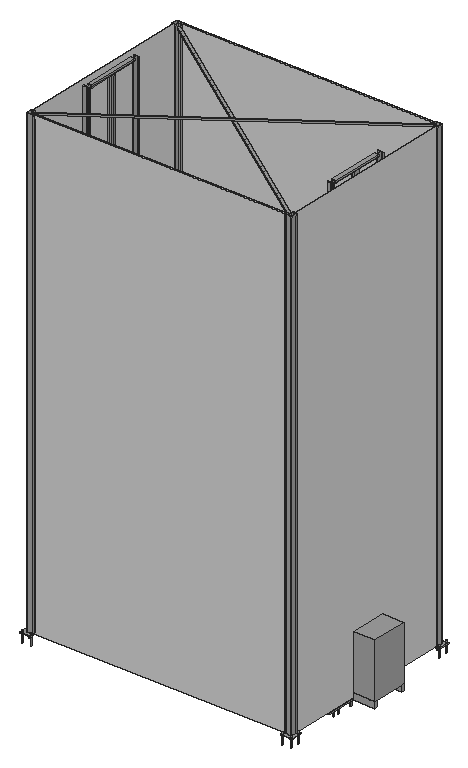
Revit family "1SE_Trez_TC_2C_T_500_With_Pit", category Specialty Equipment, Revit 2019
Family settings
  Round Connector Dimension = Use Diameter
  Part Type = Normal
  Work Plane-Based = No
  Always vertical = Yes
  Cut with Voids When Loaded = Yes
  Shared = No
  Room Calculation Point = No
Parameters (values of type "Platform-3600x2900mm with Door Height 2500mm")
  Safe Working Load = 500.00 kg  # constant formula
  Safe Space = if(Cabin or Platform = Cabin, 900.0 mm, if(and(Cabin or Platform = Platform, Door Clear Height > 1900.0 mm), 600.0 mm, 0.0 mm))  # 600.0 mm
  Platform = Speciality_Equipment_Trez_Platform : Platform
  Door Clear Width = Clear Width  # 3600.0 mm
  Door Clear Height = 2500.0 mm
  Clear Width = 3600.0 mm
  URL = "https://trez.bg/en/products/goods-only-lift-tc/tc-2ct-two-cylinders-and-tower/"
  Tower Width = Real Width + 2 * Clearance  # 4330.0 mm
  Tower Depth = Real Depth + 180.0 mm  # 3080.0 mm
  Tower Cladding Material = TREZ_Steel_Cladding
  Real Width = if(Clear Width < 1200.0 mm, 1200.0 mm, if(Clear Width > 3600.0 mm, 3600.0 mm, Clear Width))  # 3600.0 mm
  Real Depth = if(Clear Depth < 1200.0 mm, 1200.0 mm, if(Clear Depth > 2900.0 mm, 2900.0 mm, Clear Depth))  # 2900.0 mm
  Profiles Material = TREZ_Steel
  Platform Material = TREZ_Steel
  Pit Height = 120.0 mm  # constant formula
  Travel = 4500.0 mm
  Rail Height = Travel + Pit Height + Headroom  # 7720.0 mm
  Model = "TC 2C T 500"
  Manufacturer = "TREZ Ltd."
  Headroom = Door Clear Height + Safe Space  # 3100.0 mm
  Description = "Trez Compact 2 Cylinders Tower. Goods only lift."  # constant formula
  Clear Depth = 2900.0 mm
  Created By URL = "https://all1studio.com/"
  Created By = "All 1 Studio Ltd."
  Clearance = 365.0 mm  # constant formula
  Cabin or Platform Back = no
  Cabin or Platform = Speciality_Equipment_Trez_Platform : Platform
  Cabin = Speciality_Equipment_Trez_Cabin : Cabin
Reference planes
  plane 1 "Center (Front/Back)": y = 0
  plane 2: z = 0
  plane 3 "Center (Left/Right)": x = 0
  plane 4: x = -1800
  plane 5: x = 1800
  plane 6: y = 1450
  plane 7: y = -1450
  plane 8: x = 2165
  plane 9: y = 1560
  plane 10: x = -2165
  plane 11: y = -1520
  plane 12: x = 2110
  plane 13: x = -2110
  plane 14: y = 1505
  plane 15: y = -1465
  plane 16: z = 4500
  plane 17 "Top of Lift": z = 7600
  plane 18 "Pit": z = -120
  plane 19: x = -2118.5
  plane 20: x = 2118.5
  plane 21: x = 2375
  plane 22: x = -2149.032
  plane 23: x = -2131.032
  plane 24: y = 1544
  plane 25: y = 1526
  plane 26: x = 2149
  plane 27: x = 2131
  plane 28: y = -1504
  plane 29: y = -1486
  plane 30: x = -2225
  plane 31: y = 1620
  plane 32: x = 2225
  plane 33: y = -1580
  plane 34: x = -1978.5
  plane 35: x = 1978.5
  plane 36: z = 7540
  plane 37: z = 40
  plane 38: z = -145
Forms (mm)
  Extrusion 1, solid, material "TREZ_Steel_Cladding" <- "Tower Cladding Material", detail levels coarse+medium
    sketch origin (0, 0, 0) x (1, 0, 0) y (0, 1, 0)
      loop
        line (-2165, 1560) -> (-2165, 1455) -> (-2149.032, 1455) -> (-2149.032, -1415) -> (-2165, -1415) -> (-2165, -1520) -> (-2060, -1520) -> (-2060, -1504) -> (2060, -1504) -> (2060, -1520) -> (2165, -1520) -> (2165, -1415) -> (2149, -1415) -> (2149, 1455) -> (2165, 1455) -> (2165, 1560) -> (2060, 1560) -> (2060, 1544) -> (-2060, 1544) -> (-2060, 1560) -> (-2165, 1560)
      loop
        line (-2110, 1505) -> (-2110, 1455) -> (-2131.032, 1455) -> (-2131.032, -1415) -> (-2110, -1415) -> (-2110, -1465) -> (-2060, -1465) -> (-2060, -1486) -> (2060, -1486) -> (2060, -1465) -> (2110, -1465) -> (2110, -1415) -> (2131, -1415) -> (2131, 1455) -> (2110, 1455) -> (2110, 1505) -> (2060, 1505) -> (2060, 1526) -> (-2060, 1526) -> (-2060, 1505) -> (-2110, 1505)
    from 0 to 7600
  Extrusion 2, void
    sketch origin (0, 0, 0) x (1, 0, 0) y (0, 1, 0)
      loop
        line (-2118.5, 1505) -> (-2118.5, -1465) -> (2118.5, -1465) -> (2118.5, 1505) -> (-2118.5, 1505)
    from 0 to -120
  Extrusion 3, solid, material "TREZ_Steel" <- "Profiles Material", detail levels fine
    sketch origin (0, 0, 0) x (1, 0, 0) y (0, 1, 0)
      loop
        line (-2165, 1553) -> (-2165, 1462)
        arc (-2165, 1462) -> (-2162.95, 1457.05) -> (-2158, 1455) r 7
        line (-2158, 1455) -> (-2117, 1455)
        arc (-2117, 1455) -> (-2112.05, 1457.05) -> (-2110, 1462) r 7
        line (-2110, 1462) -> (-2110, 1498)
        arc (-2110, 1498) -> (-2107.95, 1502.95) -> (-2103, 1505) r 7
        line (-2103, 1505) -> (-2067, 1505)
        arc (-2067, 1505) -> (-2062.05, 1507.05) -> (-2060, 1512) r 7
        line (-2060, 1512) -> (-2060, 1553)
        arc (-2060, 1553) -> (-2062.05, 1557.95) -> (-2067, 1560) r 7
        line (-2067, 1560) -> (-2158, 1560)
        arc (-2158, 1560) -> (-2162.95, 1557.95) -> (-2165, 1553) r 7
      loop
        line (2158, 1560) -> (2067, 1560)
        arc (2067, 1560) -> (2062.05, 1557.95) -> (2060, 1553) r 7
        line (2060, 1553) -> (2060, 1512)
        arc (2060, 1512) -> (2062.05, 1507.05) -> (2067, 1505) r 7
        line (2067, 1505) -> (2103, 1505)
        arc (2103, 1505) -> (2107.95, 1502.95) -> (2110, 1498) r 7
        line (2110, 1498) -> (2110, 1462)
        arc (2110, 1462) -> (2112.05, 1457.05) -> (2117, 1455) r 7
        line (2117, 1455) -> (2158, 1455)
        arc (2158, 1455) -> (2162.95, 1457.05) -> (2165, 1462) r 7
        line (2165, 1462) -> (2165, 1553)
        arc (2165, 1553) -> (2162.95, 1557.95) -> (2158, 1560) r 7
      loop
        arc (-2165, -1513) -> (-2162.95, -1517.95) -> (-2158, -1520) r 7
        line (-2158, -1520) -> (-2067, -1520)
        arc (-2067, -1520) -> (-2062.05, -1517.95) -> (-2060, -1513) r 7
        line (-2060, -1513) -> (-2060, -1472)
        arc (-2060, -1472) -> (-2062.05, -1467.05) -> (-2067, -1465) r 7
        line (-2067, -1465) -> (-2103, -1465)
        arc (-2103, -1465) -> (-2107.95, -1462.95) -> (-2110, -1458) r 7
        line (-2110, -1458) -> (-2110, -1422)
        arc (-2110, -1422) -> (-2112.05, -1417.05) -> (-2117, -1415) r 7
        line (-2117, -1415) -> (-2158, -1415)
        arc (-2158, -1415) -> (-2162.95, -1417.05) -> (-2165, -1422) r 7
        line (-2165, -1422) -> (-2165, -1513)
      loop
        arc (2158, -1520) -> (2162.95, -1517.95) -> (2165, -1513) r 7
        line (2165, -1513) -> (2165, -1422)
        arc (2165, -1422) -> (2162.95, -1417.05) -> (2158, -1415) r 7
        line (2158, -1415) -> (2117, -1415)
        arc (2117, -1415) -> (2112.05, -1417.05) -> (2110, -1422) r 7
        line (2110, -1422) -> (2110, -1458)
        arc (2110, -1458) -> (2107.95, -1462.95) -> (2103, -1465) r 7
        line (2103, -1465) -> (2067, -1465)
        arc (2067, -1465) -> (2062.05, -1467.05) -> (2060, -1472) r 7
        line (2060, -1472) -> (2060, -1513)
        arc (2060, -1513) -> (2062.05, -1517.95) -> (2067, -1520) r 7
        line (2067, -1520) -> (2158, -1520)
      loop
        arc (-2063, 1553) -> (-2064.172, 1555.828) -> (-2067, 1557) r 4
        line (-2067, 1557) -> (-2158, 1557)
        arc (-2158, 1557) -> (-2160.828, 1555.828) -> (-2162, 1553) r 4
        line (-2162, 1553) -> (-2162, 1462)
        arc (-2162, 1462) -> (-2160.828, 1459.172) -> (-2158, 1458) r 4
        line (-2158, 1458) -> (-2117, 1458)
        arc (-2117, 1458) -> (-2114.172, 1459.172) -> (-2113, 1462) r 4
        line (-2113, 1462) -> (-2113, 1498)
        arc (-2113, 1498) -> (-2110.071, 1505.071) -> (-2103, 1508) r 10
        line (-2103, 1508) -> (-2067, 1508)
        arc (-2067, 1508) -> (-2064.172, 1509.172) -> (-2063, 1512) r 4
        line (-2063, 1512) -> (-2063, 1553)
      loop
        line (-2063, -1513) -> (-2063, -1472)
        arc (-2063, -1472) -> (-2064.172, -1469.172) -> (-2067, -1468) r 4
        line (-2067, -1468) -> (-2103, -1468)
        arc (-2103, -1468) -> (-2110.071, -1465.071) -> (-2113, -1458) r 10
        line (-2113, -1458) -> (-2113, -1422)
        arc (-2113, -1422) -> (-2114.172, -1419.172) -> (-2117, -1418) r 4
        line (-2117, -1418) -> (-2158, -1418)
        arc (-2158, -1418) -> (-2160.828, -1419.172) -> (-2162, -1422) r 4
        line (-2162, -1422) -> (-2162, -1513)
        arc (-2162, -1513) -> (-2160.828, -1515.828) -> (-2158, -1517) r 4
        line (-2158, -1517) -> (-2067, -1517)
        arc (-2067, -1517) -> (-2064.172, -1515.828) -> (-2063, -1513) r 4
      loop
        line (2162, -1513) -> (2162, -1422)
        arc (2162, -1422) -> (2160.828, -1419.172) -> (2158, -1418) r 4
        line (2158, -1418) -> (2117, -1418)
        arc (2117, -1418) -> (2114.172, -1419.172) -> (2113, -1422) r 4
        line (2113, -1422) -> (2113, -1458)
        arc (2113, -1458) -> (2110.071, -1465.071) -> (2103, -1468) r 10
        line (2103, -1468) -> (2067, -1468)
        arc (2067, -1468) -> (2064.172, -1469.172) -> (2063, -1472) r 4
        line (2063, -1472) -> (2063, -1513)
        arc (2063, -1513) -> (2064.172, -1515.828) -> (2067, -1517) r 4
        line (2067, -1517) -> (2158, -1517)
        arc (2158, -1517) -> (2160.828, -1515.828) -> (2162, -1513) r 4
      loop
        arc (2162, 1553) -> (2160.828, 1555.828) -> (2158, 1557) r 4
        line (2158, 1557) -> (2067, 1557)
        arc (2067, 1557) -> (2064.172, 1555.828) -> (2063, 1553) r 4
        line (2063, 1553) -> (2063, 1512)
        arc (2063, 1512) -> (2064.172, 1509.172) -> (2067, 1508) r 4
        line (2067, 1508) -> (2103, 1508)
        arc (2103, 1508) -> (2110.071, 1505.071) -> (2113, 1498) r 10
        line (2113, 1498) -> (2113, 1462)
        arc (2113, 1462) -> (2114.172, 1459.172) -> (2117, 1458) r 4
        line (2117, 1458) -> (2158, 1458)
        arc (2158, 1458) -> (2160.828, 1459.172) -> (2162, 1462) r 4
        line (2162, 1462) -> (2162, 1553)
    from 5 to 7600
  Extrusion 4, solid, material "TREZ_Steel_Cladding" <- "Tower Cladding Material", detail levels fine
    sketch origin (0, 0, 0) x (1, 0, 0) y (0, 1, 0)
      loop
        line (2149, 1455) -> (2131, 1455) -> (2131, -1415) -> (2149, -1415) -> (2149, 1455)
      loop
        line (2060, 1544) -> (-2060, 1544) -> (-2060, 1526) -> (2060, 1526) -> (2060, 1544)
      loop
        line (2060, -1486) -> (-2060, -1486) -> (-2060, -1504) -> (2060, -1504) -> (2060, -1486)
      loop
        line (-2131.032, -1415) -> (-2131.032, 1455) -> (-2149.032, 1455) -> (-2149.032, -1415) -> (-2131.032, -1415)
    from 0 to 7600
  Extrusion 5, solid, material "TREZ_Steel" <- "Profiles Material", detail levels fine
    sketch origin (0, 0, 0) x (1, 0, 0) y (0, 1, 0)
      loop
        arc (2047, 1620) -> (2042.05, 1617.95) -> (2040, 1613) r 7
        line (2040, 1613) -> (2040, 1560) -> (2060, 1560) -> (2060, 1505) -> (2110, 1505) -> (2110, 1455) -> (2165, 1455) -> (2165, 1435) -> (2218, 1435)
        arc (2218, 1435) -> (2222.95, 1437.05) -> (2225, 1442) r 7
        line (2225, 1442) -> (2225, 1613)
        arc (2225, 1613) -> (2222.95, 1617.95) -> (2218, 1620) r 7
        line (2218, 1620) -> (2047, 1620)
      loop
        line (-2047, 1620) -> (-2218, 1620)
        arc (-2218, 1620) -> (-2222.95, 1617.95) -> (-2225, 1613) r 7
        line (-2225, 1613) -> (-2225, 1442)
        arc (-2225, 1442) -> (-2222.95, 1437.05) -> (-2218, 1435) r 7
        line (-2218, 1435) -> (-2165, 1435) -> (-2165, 1455) -> (-2110, 1455) -> (-2110, 1505) -> (-2060, 1505) -> (-2060, 1560) -> (-2040, 1560) -> (-2040, 1613)
        arc (-2040, 1613) -> (-2042.05, 1617.95) -> (-2047, 1620) r 7
      loop
        line (2047, -1580) -> (2218, -1580)
        arc (2218, -1580) -> (2222.95, -1577.95) -> (2225, -1573) r 7
        line (2225, -1573) -> (2225, -1402)
        arc (2225, -1402) -> (2222.95, -1397.05) -> (2218, -1395) r 7
        line (2218, -1395) -> (2165, -1395) -> (2165, -1415) -> (2110, -1415) -> (2110, -1465) -> (2060, -1465) -> (2060, -1520) -> (2040, -1520) -> (2040, -1573)
        arc (2040, -1573) -> (2042.05, -1577.95) -> (2047, -1580) r 7
      loop
        arc (-2047, -1580) -> (-2042.05, -1577.95) -> (-2040, -1573) r 7
        line (-2040, -1573) -> (-2040, -1520) -> (-2060, -1520) -> (-2060, -1465) -> (-2110, -1465) -> (-2110, -1415) -> (-2165, -1415) -> (-2165, -1395) -> (-2218, -1395)
        arc (-2218, -1395) -> (-2222.95, -1397.05) -> (-2225, -1402) r 7
        line (-2225, -1402) -> (-2225, -1573)
        arc (-2225, -1573) -> (-2222.95, -1577.95) -> (-2218, -1580) r 7
        line (-2218, -1580) -> (-2047, -1580)
    from 5 to 0
  Sweep 6, solid, material "TREZ_Steel" <- "Profiles Material", detail levels fine
    path origin (0, 0, 7600) x (-1, 0, 0) y (0, -1, 0)
      loop
        line (2110, 1465) -> (-2110, -1505)
    profile origin (0, 20, 7600) x (-0.575541, 0.817773, 0) y (0, 0, 1)
      loop
        line (15, 0) -> (-15, 0) -> (-15, -30) -> (15, -30) -> (15, 0)
  Sweep 7, solid, material "TREZ_Steel" <- "Profiles Material", detail levels fine
    path origin (0, 0, 7600) x (-1, 0, 0) y (0, -1, 0)
      loop
        line (2110, -1505) -> (-2110, 1465)
    profile origin (0, 20, 7600) x (0.575541, 0.817773, 0) y (0, 0, 1)
      loop
        line (-15, -60) -> (15, -60) -> (15, -30) -> (-15, -30) -> (-15, -60)
  Extrusion 8, void
    sketch origin (0, 0, 7600) x (-1, 0, 0) y (0, -1, 0)
      loop
        arc (2117, -1455) -> (2112.05, -1457.05) -> (2110, -1462) r 7
        line (2110, -1462) -> (2110, -1498)
        arc (2110, -1498) -> (2107.95, -1502.95) -> (2103, -1505) r 7
        line (2103, -1505) -> (2067, -1505)
        arc (2067, -1505) -> (2062.05, -1507.05) -> (2060, -1512) r 7
        line (2060, -1512) -> (2060, -1553)
        arc (2060, -1553) -> (2062.05, -1557.95) -> (2067, -1560) r 7
        line (2067, -1560) -> (2158, -1560)
        arc (2158, -1560) -> (2162.95, -1557.95) -> (2165, -1553) r 7
        line (2165, -1553) -> (2165, -1462)
        arc (2165, -1462) -> (2162.95, -1457.05) -> (2158, -1455) r 7
        line (2158, -1455) -> (2117, -1455)
      loop
        arc (-2060, -1512) -> (-2062.05, -1507.05) -> (-2067, -1505) r 7
        line (-2067, -1505) -> (-2103, -1505)
        arc (-2103, -1505) -> (-2107.95, -1502.95) -> (-2110, -1498) r 7
        line (-2110, -1498) -> (-2110, -1462)
        arc (-2110, -1462) -> (-2112.05, -1457.05) -> (-2117, -1455) r 7
        line (-2117, -1455) -> (-2158, -1455)
        arc (-2158, -1455) -> (-2162.95, -1457.05) -> (-2165, -1462) r 7
        line (-2165, -1462) -> (-2165, -1553)
        arc (-2165, -1553) -> (-2162.95, -1557.95) -> (-2158, -1560) r 7
        line (-2158, -1560) -> (-2067, -1560)
        arc (-2067, -1560) -> (-2062.05, -1557.95) -> (-2060, -1553) r 7
        line (-2060, -1553) -> (-2060, -1512)
      loop
        arc (-2117, 1415) -> (-2112.05, 1417.05) -> (-2110, 1422) r 7
        line (-2110, 1422) -> (-2110, 1458)
        arc (-2110, 1458) -> (-2107.95, 1462.95) -> (-2103, 1465) r 7
        line (-2103, 1465) -> (-2067, 1465)
        arc (-2067, 1465) -> (-2062.05, 1467.05) -> (-2060, 1472) r 7
        line (-2060, 1472) -> (-2060, 1513)
        arc (-2060, 1513) -> (-2062.05, 1517.95) -> (-2067, 1520) r 7
        line (-2067, 1520) -> (-2158, 1520)
        arc (-2158, 1520) -> (-2162.95, 1517.95) -> (-2165, 1513) r 7
        line (-2165, 1513) -> (-2165, 1422)
        arc (-2165, 1422) -> (-2162.95, 1417.05) -> (-2158, 1415) r 7
        line (-2158, 1415) -> (-2117, 1415)
      loop
        arc (2110, 1422) -> (2112.05, 1417.05) -> (2117, 1415) r 7
        line (2117, 1415) -> (2158, 1415)
        arc (2158, 1415) -> (2162.95, 1417.05) -> (2165, 1422) r 7
        line (2165, 1422) -> (2165, 1513)
        arc (2165, 1513) -> (2162.95, 1517.95) -> (2158, 1520) r 7
        line (2158, 1520) -> (2067, 1520)
        arc (2067, 1520) -> (2062.05, 1517.95) -> (2060, 1513) r 7
        line (2060, 1513) -> (2060, 1472)
        arc (2060, 1472) -> (2062.05, 1467.05) -> (2067, 1465) r 7
        line (2067, 1465) -> (2103, 1465)
        arc (2103, 1465) -> (2107.95, 1462.95) -> (2110, 1458) r 7
        line (2110, 1458) -> (2110, 1422)
    from -60 to 0
  Extrusion 9, solid, material "TREZ_Steel" <- "Profiles Material", detail levels fine
    sketch origin (0, 0, 0) x (1, 0, 0) y (0, 1, 0)
      loop
        circle (-2200.697, 1604.303) r 6
      loop
        circle (-2055.697, 1604.303) r 6
      loop
        circle (-2200.697, 1459.303) r 6
      loop
        circle (2200.697, 1604.303) r 6
      loop
        circle (2055.697, 1604.303) r 6
      loop
        circle (2200.697, 1459.303) r 6
      loop
        circle (-2200.697, -1564.303) r 6
      loop
        circle (-2055.697, -1564.303) r 6
      loop
        circle (-2200.697, -1419.303) r 6
      loop
        circle (2200.697, -1564.303) r 6
      loop
        circle (2055.697, -1564.303) r 6
      loop
        circle (2200.697, -1419.303) r 6
    from -145 to 40
Cuts and joins
  Extrusion 2 cuts Extrusion 1
  Extrusion 8 cuts Sweep 6
  Extrusion 8 cuts Sweep 7
  joined: Extrusion 5, Extrusion 9
Lines and regions (mm)
  symbolic lines, style "Profiles"
    curve 1: line (-2165, 1560, 0) -> (-2060, 1560, 0)
    curve 2: line (-2060, 1560, 0) -> (-2060, 1505, 0)
    curve 3: line (-2060, 1505, 0) -> (-2110, 1505, 0)
    curve 4: line (-2110, 1505, 0) -> (-2110, 1455, 0)
    curve 5: line (-2110, 1455, 0) -> (-2165, 1455, 0)
    curve 6: line (-2165, 1455, 0) -> (-2165, 1560, 0)
    curve 7: line (2060, 1560, 0) -> (2165, 1560, 0)
    curve 8: line (2165, 1560, 0) -> (2165, 1455, 0)
    curve 9: line (2165, 1455, 0) -> (2110, 1455, 0)
    curve 10: line (2110, 1455, 0) -> (2110, 1505, 0)
    curve 11: line (2110, 1505, 0) -> (2060, 1505, 0)
    curve 12: line (2060, 1505, 0) -> (2060, 1560, 0)
    curve 13: line (-2165, -1415, 0) -> (-2110, -1415, 0)
    curve 14: line (-2110, -1415, 0) -> (-2110, -1465, 0)
    curve 15: line (-2110, -1465, 0) -> (-2060, -1465, 0)
    curve 16: line (-2060, -1465, 0) -> (-2060, -1520, 0)
    curve 17: line (-2060, -1520, 0) -> (-2165, -1520, 0)
    curve 18: line (-2165, -1520, 0) -> (-2165, -1415, 0)
    curve 19: line (2060, -1465, 0) -> (2110, -1465, 0)
    curve 20: line (2110, -1465, 0) -> (2110, -1415, 0)
    curve 21: line (2110, -1415, 0) -> (2165, -1415, 0)
    curve 22: line (2165, -1415, 0) -> (2165, -1520, 0)
    curve 23: line (2165, -1520, 0) -> (2060, -1520, 0)
    curve 24: line (2060, -1465, 0) -> (2060, -1520, 0)
    curve 25: line (2149, 1455, 0) -> (2131, 1455, 0)
    curve 26: line (2149, -1415, 0) -> (2149, 1455, 0)
    curve 27: line (2131, -1415, 0) -> (2149, -1415, 0)
    curve 28: line (2131, 1455, 0) -> (2131, -1415, 0)
    curve 29: line (2060, -1486, 0) -> (-2060, -1486, 0)
    curve 30: line (2060, -1504, 0) -> (2060, -1486, 0)
    curve 31: line (-2060, -1504, 0) -> (2060, -1504, 0)
    curve 32: line (-2060, -1486, 0) -> (-2060, -1504, 0)
    curve 33: line (-2131.032, -1415, 0) -> (-2149.032, -1415, 0)
    curve 34: line (-2131.032, 1455, 0) -> (-2131.032, -1415, 0)
    curve 35: line (-2149.032, 1455, 0) -> (-2131.032, 1455, 0)
    curve 36: line (-2149.032, -1415, 0) -> (-2149.032, 1455, 0)
    curve 37: line (-2060, 1526, 0) -> (2060, 1526, 0)
    curve 38: line (-2060, 1544, 0) -> (-2060, 1526, 0)
    curve 39: line (2060, 1544, 0) -> (-2060, 1544, 0)
    curve 40: line (2060, 1526, 0) -> (2060, 1544, 0)
  symbolic lines, style "Platform"
    curve 41: line (-1800, 1450, 0) -> (1800, 1450, 0)
    curve 42: line (-1800, -1450, 0) -> (-1800, 1450, 0)
    curve 43: line (1800, -1450, 0) -> (-1800, -1450, 0)
    curve 44: line (1800, 1450, 0) -> (1800, -1450, 0)
    curve 45: line (-1800, 1450, 0) -> (1800, -1450, 0)
    curve 46: line (1800, 1450, 0) -> (-1800, -1450, 0)
  model lines, style "Profiles", detail levels coarse+medium
    curve 47: line (-2110, 1505, 7600) -> (2110, -1465, 7600)
    curve 48: line (2110, 1505, 7600) -> (-2110, -1465, 7600)
Dimensions and locks
  equal spacing: plane 4, plane 3 "Center (Left/Right)", plane 5
  "Real Width": plane 4 to plane 5
  equal spacing: plane 7, plane 1 "Center (Front/Back)", plane 6
  "Real Depth": plane 7 to plane 6
  locked: plane 6 to plane 9 at 110
  locked: plane 7 to plane 11 at 70
  locked: plane 12 to plane 8 at 55
  locked: plane 10 to plane 13 at 55
  locked: plane 14 to plane 9 at 55
  locked: plane 15 to plane 11 at 55
  "Travel": plane 16 to level
  "Pit Height": level to plane 18 "Pit"
  "Clearance": plane 5 to plane 8
  "Clearance": plane 10 to plane 4
  locked: plane 8 to plane 21 at 210
  locked: plane 10 to plane 19 at 46.5
  locked: plane 20 to plane 8 at 46.5
  plane 10 to plane 22 to plane 23 = 15.968 mm locked, 18.0 mm locked
  plane 25 to plane 24 to plane 9 = 18.0 mm locked, 16.0 mm locked
  plane 27 to plane 26 to plane 8 = 18.0 mm locked, 16.0 mm locked
  plane 29 to plane 28 to plane 11 = 18.0 mm locked, 16.0 mm locked
  locked: plane 30 to plane 10 at 60
  locked: plane 9 to plane 31 at 60
  locked: plane 8 to plane 32 at 60
  locked: plane 11 to plane 33 at 60
  locked: plane 10 to plane 34 at 186.5
  locked: plane 35 to plane 8 at 186.5
  "Headroom": plane 17 "Top of Lift" to plane 16
  locked: plane 17 "Top of Lift" to plane 36 at 60
  locked: plane 37 to level at 40
  locked: level to plane 38 at 145
  aligned and locked: level to plane 2
  aligned and locked: plane 9 to Extrusion 1 sketch curve
  aligned and locked: plane 10 to Extrusion 1 sketch curve
  aligned and locked: plane 11 to Extrusion 1 sketch curve
  aligned and locked: plane 8 to Extrusion 1 sketch curve
  aligned and locked: plane 14 to Extrusion 1 sketch curve
  aligned and locked: plane 13 to Extrusion 1 sketch curve
  aligned and locked: plane 15 to Extrusion 1 sketch curve
  aligned and locked: plane 12 to Extrusion 1 sketch curve
  aligned and locked: plane 17 "Top of Lift" to Extrusion 1
  aligned and locked: plane 20 to Extrusion 2 sketch curve
  aligned and locked: plane 15 to Extrusion 2 sketch curve
  aligned and locked: plane 14 to Extrusion 2 sketch curve
  aligned and locked: plane 19 to Extrusion 2 sketch curve
  aligned and locked: Extrusion 2 to plane 18 "Pit"
  aligned and locked: plane 1 "Center (Front/Back)" to nested 1
  aligned and locked: plane 3 "Center (Left/Right)" to nested 1
  aligned and locked: nested 2 to plane 21
  aligned and locked: Extrusion 3 sketch curve to plane 10
  aligned and locked: Extrusion 3 sketch curve to plane 9  (x2)
  aligned and locked: Extrusion 3 sketch curve to plane 13
  aligned and locked: Extrusion 3 sketch curve to plane 14  (x2)
  aligned and locked: plane 8 to Extrusion 3 sketch curve
  aligned and locked: plane 17 "Top of Lift" to Extrusion 3
  aligned and locked: Extrusion 4 sketch curve to Extrusion 3  (x6)
  aligned and locked: Extrusion 4 sketch curve to plane 26
  aligned and locked: plane 27 to Extrusion 4 sketch curve
  aligned and locked: Extrusion 4 sketch curve to plane 24
  aligned and locked: plane 25 to Extrusion 4 sketch curve
  aligned and locked: plane 29 to Extrusion 4 sketch curve
  aligned and locked: Extrusion 4 sketch curve to plane 28
  aligned and locked: Extrusion 3 to Extrusion 4 sketch curve  (x2)
  aligned and locked: Extrusion 4 sketch curve to plane 23
  aligned and locked: plane 22 to Extrusion 4 sketch curve
  aligned and locked: plane 17 "Top of Lift" to Extrusion 4
  aligned and locked: plane 34 to nested 3
  aligned and locked: nested 4 to plane 35
  aligned and locked: nested 3 to plane 18 "Pit"
  aligned and locked: plane 18 "Pit" to nested 4
  aligned and locked: nested 3 to plane 1 "Center (Front/Back)"
  aligned and locked: nested 4 to plane 1 "Center (Front/Back)"
  aligned and locked: plane 14 to Sweep 6 sketch curve
  aligned and locked: plane 12 to Sweep 6 sketch curve
  aligned and locked: plane 13 to Sweep 6 sketch curve
  aligned and locked: plane 15 to Sweep 6 sketch curve
  aligned and locked: plane 12 to Sweep 7 sketch curve
  aligned and locked: plane 15 to Sweep 7 sketch curve
  aligned and locked: plane 14 to Sweep 7 sketch curve
  aligned and locked: plane 13 to Sweep 7 sketch curve
  aligned and locked: plane 36 to Extrusion 8
  aligned and locked: plane 17 "Top of Lift" to Extrusion 8
  aligned and locked: Extrusion 9 to plane 38
  aligned and locked: plane 37 to Extrusion 9
  aligned and locked: plane 16 to nested 1
Automatic sketch dimensions
  Extrusion 1 sketch curve to plane 10 = 0.0 mm
  Extrusion 1 sketch curve to plane 22 = 0.0 mm
  Extrusion 1 sketch curve to plane 23 = 0.0 mm
  Extrusion 1 sketch curve to plane 13 = 0.0 mm
  Extrusion 1 sketch curve to plane 29 = 0.0 mm
  Extrusion 1 sketch curve to plane 15 = 0.0 mm
  Extrusion 1 sketch curve to plane 28 = 0.0 mm
  Extrusion 1 sketch curve to plane 11 = 0.0 mm
  plane 25 to Extrusion 1 sketch curve = 0.0 mm
  plane 24 to Extrusion 1 sketch curve = 0.0 mm
  plane 9 to Extrusion 1 sketch curve = 0.0 mm
  plane 14 to Extrusion 1 sketch curve = 0.0 mm
  Extrusion 1 sketch curve to plane 12 = 0.0 mm
  Extrusion 1 sketch curve to plane 27 = 0.0 mm
  Extrusion 1 sketch curve to plane 26 = 0.0 mm
  Extrusion 1 sketch curve to plane 8 = 0.0 mm
  plane 13 to Extrusion 1 sketch curve = 50.0 mm  (x2)
  Extrusion 1 sketch curve to Extrusion 1 sketch curve = 0.0 mm  (x5)
  plane 12 to Extrusion 1 sketch curve = 50.0 mm  (x2)
  plane 7 to Extrusion 1 sketch curve = 35.0 mm  (x3)
  Extrusion 1 sketch curve to plane 6 = 5.0 mm  (x4)
  Extrusion 3 sketch curve to Extrusion 3 sketch curve = 0.0 mm  (x48)
  Extrusion 3 sketch curve to plane 10 = 0.0 mm
  Extrusion 3 sketch curve to plane 11 = 0.0 mm  (x2)
  Extrusion 3 sketch curve to plane 13 = 0.0 mm
  Extrusion 3 sketch curve to plane 15 = 0.0 mm  (x2)
  Extrusion 3 sketch curve to plane 12 = 0.0 mm  (x2)
  Extrusion 3 sketch curve to plane 8 = 0.0 mm
  Extrusion 3 sketch curve to Extrusion 3 sketch curve = 3.0 mm  (x4)
  Extrusion 3 sketch curve to Extrusion 3 sketch curve = 4.0 mm  (x9)
  plane 10 to Extrusion 3 sketch curve = 7.0 mm
  plane 19 to Extrusion 3 sketch curve = 1.5 mm  (x2)
  plane 13 to Extrusion 3 sketch curve = 7.0 mm  (x2)
  Extrusion 3 sketch curve to plane 15 = 7.0 mm  (x2)
  Extrusion 3 sketch curve to Extrusion 3 sketch curve = 36.0 mm  (x2)
  Extrusion 3 sketch curve to plane 14 = 7.0 mm
  plane 9 to Extrusion 3 sketch curve = 7.0 mm
  plane 12 to Extrusion 3 sketch curve = 50.0 mm  (x2)
  Extrusion 3 sketch curve to Extrusion 3 sketch curve = 7.0 mm
  plane 12 to Extrusion 3 sketch curve = 7.0 mm
  plane 20 to Extrusion 3 sketch curve = 1.5 mm  (x2)
  plane 8 to Extrusion 3 sketch curve = 7.0 mm  (x2)
  Extrusion 3 sketch curve to plane 6 = 5.0 mm  (x2)
  plane 7 to Extrusion 3 sketch curve = 28.0 mm  (x2)
  Extrusion 5 sketch curve to plane 30 = 0.0 mm  (x2)
  plane 31 to Extrusion 5 sketch curve = 0.0 mm  (x2)
  Extrusion 5 sketch curve to plane 33 = 0.0 mm  (x2)
  Extrusion 5 sketch curve to plane 10 = 0.0 mm  (x2)
  Extrusion 5 sketch curve to plane 13 = 0.0 mm  (x2)
  plane 9 to Extrusion 5 sketch curve = 0.0 mm  (x2)
  Extrusion 5 sketch curve to plane 11 = 0.0 mm  (x2)
  Extrusion 5 sketch curve to plane 15 = 0.0 mm  (x2)
  plane 14 to Extrusion 5 sketch curve = 0.0 mm  (x2)
  Extrusion 5 sketch curve to plane 12 = 0.0 mm  (x2)
  Extrusion 5 sketch curve to plane 8 = 0.0 mm  (x2)
  Extrusion 5 sketch curve to plane 32 = 0.0 mm  (x2)
  plane 30 to Extrusion 5 sketch curve = 7.0 mm  (x4)
  plane 13 to Extrusion 5 sketch curve = 50.0 mm  (x2)
  Extrusion 5 sketch curve to Extrusion 5 sketch curve = 13.0 mm  (x2)
  plane 31 to Extrusion 5 sketch curve = 7.0 mm
  Extrusion 5 sketch curve to Extrusion 5 sketch curve = 20.0 mm  (x2)
  Extrusion 5 sketch curve to plane 35 = 61.5 mm  (x2)
  Extrusion 5 sketch curve to Extrusion 5 sketch curve = 7.0 mm  (x3)
  Extrusion 5 sketch curve to Extrusion 5 sketch curve = 50.0 mm
  plane 32 to Extrusion 5 sketch curve = 7.0 mm  (x3)
  plane 7 to Extrusion 5 sketch curve = 35.0 mm  (x2)
  plane 7 to Extrusion 5 sketch curve = 48.0 mm  (x2)
  plane 6 to Extrusion 5 sketch curve = 15.0 mm  (x2)
  Extrusion 5 sketch curve to plane 6 = 5.0 mm  (x2)
  profile plane to Sweep 6 sketch curve = 15.0 mm
  Sweep 6 sketch curve to Sweep 6 sketch curve = 30.0 mm
  Sweep 6 sketch curve to profile plane = 15.0 mm
  plane 17 "Top of Lift" to Sweep 6 sketch curve = 0.0 mm
  profile plane to Sweep 7 sketch curve = 15.0 mm
  Sweep 7 sketch curve to profile plane = 15.0 mm
  Sweep 7 sketch curve to plane 17 "Top of Lift" = 60.0 mm
  Sweep 7 sketch curve to Sweep 7 sketch curve = 30.0 mm
  plane 9 to Extrusion 8 sketch curve = 0.0 mm  (x2)
  plane 14 to Extrusion 8 sketch curve = 0.0 mm  (x2)
  Extrusion 8 sketch curve to plane 13 = 0.0 mm  (x2)
  Extrusion 8 sketch curve to plane 10 = 0.0 mm  (x2)
  Extrusion 8 sketch curve to Extrusion 8 sketch curve = 7.0 mm  (x9)
  plane 13 to Extrusion 8 sketch curve = 43.0 mm
  Extrusion 8 sketch curve to Extrusion 8 sketch curve = 36.0 mm  (x2)
  plane 19 to Extrusion 8 sketch curve = 1.5 mm  (x2)
  plane 10 to Extrusion 8 sketch curve = 7.0 mm
  Extrusion 8 sketch curve to plane 6 = 12.0 mm
  Extrusion 8 sketch curve to plane 8 = 0.0 mm  (x2)
  Extrusion 8 sketch curve to plane 12 = 0.0 mm  (x2)
  Extrusion 8 sketch curve to plane 6 = 5.0 mm
  plane 8 to Extrusion 8 sketch curve = 7.0 mm  (x3)
  plane 20 to Extrusion 8 sketch curve = 1.5 mm  (x2)
  Extrusion 8 sketch curve to plane 14 = 7.0 mm
  Extrusion 8 sketch curve to plane 11 = 0.0 mm  (x2)
  Extrusion 8 sketch curve to plane 15 = 0.0 mm  (x2)
  plane 12 to Extrusion 8 sketch curve = 7.0 mm
  plane 11 to Extrusion 8 sketch curve = 7.0 mm  (x2)
  plane 12 to Extrusion 8 sketch curve = 43.0 mm
  Extrusion 8 sketch curve to plane 15 = 7.0 mm
  plane 7 to Extrusion 8 sketch curve = 35.0 mm  (x2)
  plane 13 to Extrusion 8 sketch curve = 50.0 mm
  plane 13 to Extrusion 8 sketch curve = 7.0 mm
  curve 47 to plane 12 = 0.0 mm
  curve 48 to plane 12 = 0.0 mm
  curve 48 to plane 13 = 0.0 mm
  curve 47 to plane 13 = 0.0 mm
  plane 14 to curve 48 = 0.0 mm
  plane 14 to curve 47 = 0.0 mm
  curve 48 to plane 15 = 0.0 mm
  curve 47 to plane 15 = 0.0 mm
  plane 9 to curve 1 = 0.0 mm
  curve 1 to plane 10 = 0.0 mm
  curve 18 to plane 10 = 0.0 mm
  curve 36 to plane 22 = 0.0 mm
  curve 35 to plane 23 = 0.0 mm
  curve 4 to plane 13 = 0.0 mm
  curve 15 to plane 13 = 0.0 mm
  plane 25 to curve 37 = 0.0 mm
  curve 15 to plane 15 = 0.0 mm
  curve 16 to plane 11 = 0.0 mm
  plane 24 to curve 38 = 0.0 mm
  curve 32 to plane 28 = 0.0 mm
  curve 32 to plane 29 = 0.0 mm
  plane 14 to curve 2 = 0.0 mm
  curve 42 to plane 4 = 0.0 mm
  curve 44 to plane 5 = 0.0 mm
  curve 24 to plane 11 = 0.0 mm
  curve 24 to plane 15 = 0.0 mm
  plane 14 to curve 11 = 0.0 mm
  plane 9 to curve 7 = 0.0 mm
  curve 19 to plane 12 = 0.0 mm
  curve 11 to plane 12 = 0.0 mm
  curve 25 to plane 27 = 0.0 mm
  curve 27 to plane 26 = 0.0 mm
  curve 22 to plane 8 = 0.0 mm
  curve 9 to plane 8 = 0.0 mm
  curve 43 to plane 7 = 0.0 mm
  plane 6 to curve 44 = 0.0 mm
  plane 13 to curve 37 = 50.0 mm
  plane 13 to curve 15 = 50.0 mm
  curve 32 to curve 16 = 0.0 mm
  curve 2 to curve 37 = 0.0 mm
  plane 12 to curve 29 = 50.0 mm
  curve 24 to curve 30 = 0.0 mm
  plane 12 to curve 39 = 50.0 mm
  curve 11 to curve 37 = 0.0 mm
  plane 7 to curve 14 = 35.0 mm
  curve 33 to curve 13 = 0.0 mm
  plane 7 to curve 28 = 35.0 mm
  curve 20 to curve 27 = 0.0 mm
  curve 10 to plane 6 = 5.0 mm
  curve 28 to plane 6 = 5.0 mm
  curve 35 to plane 6 = 5.0 mm
  curve 6 to plane 6 = 5.0 mm
  plane 30 to Extrusion 9 sketch curve = 24.303 mm  (x4)
  Extrusion 9 sketch curve to plane 6 = 9.303 mm  (x2)
  plane 31 to Extrusion 9 sketch curve = 15.697 mm  (x4)
  plane 13 to Extrusion 9 sketch curve = 54.303 mm  (x2)
  plane 33 to Extrusion 9 sketch curve = 15.697 mm  (x4)
  plane 12 to Extrusion 9 sketch curve = 54.303 mm  (x2)
  plane 32 to Extrusion 9 sketch curve = 24.303 mm  (x4)
  plane 7 to Extrusion 9 sketch curve = 30.697 mm  (x2)
  radius of Extrusion 9 sketch curve = 6.0 mm  (x12)
Nested families
  nested 1: "Speciality_Equipment_Trez_Platform" at (0, 0, 4500), type <- "Cabin or Platform", type "Platform"
    with Back Board no
  nested 2: "Electrical_Equpment_Trez_Cabinet" at (2375, 0, 0) x (0, 1, 0) z (0, 0, 1), type "Cabinet"
  nested 3: "Generic_Model_Trez_Rails" at (-1978.5, 0, -120), type "Rails"
    with Height 7720.0 mm
  nested 4: "Generic_Model_Trez_Rails" at (1978.5, 0, -120) x (-1, 0, 0) z (0, 0, 1), type "Rails"
    with Height 7720.0 mm
Definition of nested family "Speciality_Equipment_Trez_Platform"
  Parameters (values of type "Speciality_Equipment_Trez_Platform")
    Width = 3600.0 mm
    Platform Material = none
    Depth = 2900.0 mm
    Back Board = yes
  Reference planes
    plane 1 "Center (Front/Back)": y = 0
    plane 2 "Bottom": z = 0
    plane 3 "Center (Left/Right)": x = 0
    plane 4: x = 1800
    plane 5: x = -1800
    plane 6: y = 1450
    plane 7: y = -1450
    plane 8: x = -1889
    plane 9: x = 1889
    plane 10: y = 1485
    plane 11: z = -89
    plane 12: z = 709
  Forms (mm)
    Extrusion 1, solid, material <- "Platform Material", visible <- "Back Board"
      sketch origin (0, 0, 0) x (1, 0, 0) y (0, 1, 0)
        loop
          line (-1889, 1485) -> (-1889, 1450) -> (1889, 1450) -> (1889, 1485) -> (-1889, 1485)
      from 0 to 709
    Extrusion 2, solid, material <- "Platform Material", detail levels coarse+medium
      sketch origin (0, 0, 0) x (1, 0, 0) y (0, 0, 1)
        loop
          line (-1800, 709) -> (-1889, 709) -> (-1889, -89) -> (1889, -89) -> (1889, 709) -> (1800, 709) -> (1800, 0) -> (-1800, 0) -> (-1800, 709)
      from -1450 to 1450
    Extrusion 3, solid, material <- "Platform Material", detail levels fine
      sketch origin (0, 0, 0) x (1, 0, 0) y (0, 0, 1)
        loop
          arc (-1874, 709) -> (-1884.607, 704.607) -> (-1889, 694) r 15
          line (-1889, 694) -> (-1889, -74)
          arc (-1889, -74) -> (-1884.607, -84.607) -> (-1874, -89) r 15
          line (-1874, -89) -> (1874, -89)
          arc (1874, -89) -> (1884.607, -84.607) -> (1889, -74) r 15
          line (1889, -74) -> (1889, 694)
          arc (1889, 694) -> (1884.607, 704.607) -> (1874, 709) r 15
          line (1874, 709) -> (1815, 709)
          arc (1815, 709) -> (1804.393, 704.607) -> (1800, 694) r 15
          line (1800, 694) -> (1800, 15)
          arc (1800, 15) -> (1795.607, 4.393) -> (1785, 0) r 15
          line (1785, 0) -> (-1785, 0)
          arc (-1785, 0) -> (-1795.607, 4.393) -> (-1800, 15) r 15
          line (-1800, 15) -> (-1800, 694)
          arc (-1800, 694) -> (-1804.393, 704.607) -> (-1815, 709) r 15
          line (-1815, 709) -> (-1874, 709)
      from -1450 to 1450
  Dimensions and locks
    equal spacing: plane 5, plane 3 "Center (Left/Right)", plane 4
    "Width": plane 5 to plane 4
    equal spacing: plane 7, plane 1 "Center (Front/Back)", plane 6
    "Depth": plane 6 to plane 7
    locked: plane 8 to plane 5 at 89
    locked: plane 4 to plane 9 at 89
    locked: plane 10 to plane 6 at 35
    locked: plane 2 "Bottom" to plane 11 at 89
    locked: plane 12 to plane 2 "Bottom" at 709
    aligned and locked: level to plane 2 "Bottom"
    aligned and locked: Extrusion 1 sketch curve to plane 10
    aligned and locked: plane 8 to Extrusion 1 sketch curve
    aligned and locked: plane 5 to Extrusion 2 sketch curve
    aligned and locked: plane 8 to Extrusion 2 sketch curve
    aligned and locked: Extrusion 2 sketch curve to plane 9
    aligned and locked: Extrusion 2 sketch curve to plane 4
    aligned and locked: Extrusion 2 sketch curve to plane 2 "Bottom"
    aligned and locked: Extrusion 2 sketch curve to plane 11
    aligned and locked: Extrusion 2 sketch curve to plane 12
    aligned and locked: Extrusion 2 to plane 6
    aligned and locked: Extrusion 2 to plane 7
    aligned and locked: Extrusion 3 sketch curve to plane 12
    aligned and locked: plane 8 to Extrusion 3 sketch curve
    aligned and locked: plane 5 to Extrusion 3 sketch curve
    aligned and locked: Extrusion 3 sketch curve to plane 4
    aligned and locked: Extrusion 3 sketch curve to plane 9
    aligned and locked: Extrusion 3 sketch curve to plane 2 "Bottom"
    aligned and locked: Extrusion 3 sketch curve to plane 11
    aligned and locked: Extrusion 3 to plane 7
    aligned and locked: Extrusion 3 to plane 6
  Automatic sketch dimensions
    plane 12 to Extrusion 2 sketch curve = 0.0 mm
    Extrusion 1 sketch curve to plane 6 = 0.0 mm
    Extrusion 1 sketch curve to plane 9 = 0.0 mm
    Extrusion 3 sketch curve to plane 12 = 0.0 mm
    Extrusion 3 sketch curve to Extrusion 3 sketch curve = 15.0 mm  (x4)
    plane 5 to Extrusion 3 sketch curve = 15.0 mm
    Extrusion 3 sketch curve to plane 4 = 15.0 mm
    plane 4 to Extrusion 3 sketch curve = 15.0 mm
    Extrusion 3 sketch curve to plane 9 = 15.0 mm
Definition of nested family "Electrical_Equpment_Trez_Cabinet"
  Parameters (values of type "SE_Trez_Cabinet")
    Width = 584.0 mm
    Depth = 348.0 mm
    Cabinet Material = none
  Reference planes
    plane 1 "Center (Front/Back)": y = 0
    plane 2: z = 0
    plane 3 "Center (Left/Right)": x = 0
    plane 4: x = -292
    plane 5: x = 292
    plane 6: y = 174
    plane 7: y = -174
    plane 8: z = 100
    plane 9: z = 1000
    plane 10: x = -257
    plane 11: x = 257
  Forms (mm)
    Extrusion 1, solid, material <- "Cabinet Material", detail levels fine
      sketch origin (0, 0, 0) x (1, 0, 0) y (0, 1, 0)
        loop
          line (-292, 174) -> (-292, -174) -> (292, -174) -> (292, 174) -> (-292, 174)
      from 100 to 1000
    Extrusion 2, solid, material <- "Cabinet Material", detail levels fine
      sketch origin (0, 0, 0) x (1, 0, 0) y (0, 1, 0)
        loop
          line (-257, 174) -> (-292, 174) -> (-292, -174) -> (-257, -174) -> (-257, 174)
        loop
          line (257, 174) -> (257, -174) -> (292, -174) -> (292, 174) -> (257, 174)
      from 0 to 100
    Extrusion 3, solid, detail levels coarse+medium
      sketch origin (0, 0, 0) x (1, 0, 0) y (0, 1, 0)
        loop
          line (-292, 174) -> (-292, -174) -> (292, -174) -> (292, 174) -> (-292, 174)
      from 0 to 1000
  Lines and regions (mm)
    symbolic lines
      curve 1: line (-292, 174, 0) -> (292, 174, 0)
      curve 2: line (-292, -174, 0) -> (-292, 174, 0)
      curve 3: line (292, -174, 0) -> (-292, -174, 0)
      curve 4: line (292, 174, 0) -> (292, -174, 0)
  Dimensions and locks
    equal spacing: plane 4, plane 3 "Center (Left/Right)", plane 5
    "Width": plane 4 to plane 5
    equal spacing: plane 7, plane 1 "Center (Front/Back)", plane 6
    "Depth": plane 7 to plane 6
    plane 9 to plane 8 to plane 2 = 900.0 mm locked, 100.0 mm locked
    aligned and locked: level to plane 2
    aligned and locked: plane 6 to Extrusion 1 sketch curve
    aligned and locked: plane 4 to Extrusion 1 sketch curve
    aligned and locked: plane 7 to Extrusion 1 sketch curve
    aligned and locked: plane 5 to Extrusion 1 sketch curve
    aligned and locked: plane 9 to Extrusion 1
    aligned and locked: Extrusion 1 to plane 8
    aligned and locked: Extrusion 2 sketch curve to plane 6
    aligned and locked: plane 10 to Extrusion 2 sketch curve
    aligned and locked: Extrusion 2 sketch curve to Extrusion 1  (x4)
    aligned and locked: plane 6 to Extrusion 2 sketch curve
    aligned and locked: Extrusion 2 sketch curve to plane 11
    aligned and locked: plane 8 to Extrusion 2
    aligned and locked: Extrusion 2 to level
    aligned and locked: Extrusion 3 sketch curve to Extrusion 1  (x4)
    aligned and locked: Extrusion 3 to plane 2
    aligned and locked: plane 9 to Extrusion 3
    aligned and locked: curve 1 to Extrusion 1
    aligned and locked: curve 2 to Extrusion 1
    aligned and locked: curve 3 to Extrusion 1
    aligned and locked: curve 4 to Extrusion 1
Definition of nested family "Generic_Model_Trez_Rails"
  Parameters (values of type "SE_Trez_Rails")
    Profiles Material = none
    Height = 8720.0 mm
  Reference planes
    plane 1 "Center (Front/Back)": y = 0
    plane 2: z = 0
    plane 3 "Center (Left/Right)": x = 0
    plane 4: x = 87.2
    plane 5: x = -87.2
    plane 6: y = 607.5
    plane 7: y = -607.5
    plane 8: z = 8720
    plane 9: z = 15
    plane 10: z = 8685
    plane 11: z = -95
  Forms (mm)
    Extrusion 1, solid, material <- "Profiles Material", detail levels fine
      sketch origin (0, 0, 0) x (1, 0, 0) y (0, 1, 0)
        loop
          line (77.2, 607.5) -> (-77.2, 607.5)
          arc (-77.2, 607.5) -> (-84.271, 604.571) -> (-87.2, 597.5) r 10
          line (-87.2, 597.5) -> (-87.2, -597.5)
          arc (-87.2, -597.5) -> (-84.271, -604.571) -> (-77.2, -607.5) r 10
          line (-77.2, -607.5) -> (77.2, -607.5)
          arc (77.2, -607.5) -> (84.271, -604.571) -> (87.2, -597.5) r 10
          line (87.2, -597.5) -> (87.2, 597.5)
          arc (87.2, 597.5) -> (84.271, 604.571) -> (77.2, 607.5) r 10
      from 0 to 15
    Extrusion 2, solid, material <- "Profiles Material", detail levels fine
      sketch origin (0, 0, 0) x (1, 0, 0) y (0, 1, 0)
        loop
          line (-61.5, -517.5) -> (28.5, -517.5) -> (28.5, -509.5) -> (-3.5, -509.5)
          arc (-3.5, -509.5) -> (-7.036, -508.036) -> (-8.5, -504.5) r 5
          line (-8.5, -504.5) -> (-8.5, -442.5) -> (-24.5, -442.5) -> (-24.5, -504.5)
          arc (-24.5, -504.5) -> (-25.964, -508.036) -> (-29.5, -509.5) r 5
          line (-29.5, -509.5) -> (-61.5, -509.5) -> (-61.5, -517.5)
        loop
          line (-37.94, -40) -> (-1.94, -40)
          arc (-1.94, -40) -> (8.667, -35.607) -> (13.06, -25) r 15
          line (13.06, -25) -> (13.06, 25)
          arc (13.06, 25) -> (8.667, 35.607) -> (-1.94, 40) r 15
          line (-1.94, 40) -> (-37.94, 40) -> (-37.94, -40)
        loop
          line (-61.5, 517.5) -> (-61.5, 509.5) -> (-29.5, 509.5)
          arc (-29.5, 509.5) -> (-25.964, 508.036) -> (-24.5, 504.5) r 5
          line (-24.5, 504.5) -> (-24.5, 442.5) -> (-8.5, 442.5) -> (-8.5, 504.5)
          arc (-8.5, 504.5) -> (-7.036, 508.036) -> (-3.5, 509.5) r 5
          line (-3.5, 509.5) -> (28.5, 509.5) -> (28.5, 517.5) -> (-61.5, 517.5)
      from 15 to 8720
    Extrusion 3, solid, material <- "Profiles Material", detail levels fine
      sketch origin (0, 0, 0) x (1, 0, 0) y (0, 0, 1)
        loop
          line (-51.5, 8720) -> (-51.5, 8690)
          arc (-51.5, 8690) -> (-50.036, 8686.464) -> (-46.5, 8685) r 5
          line (-46.5, 8685) -> (13.5, 8685)
          arc (13.5, 8685) -> (17.036, 8686.464) -> (18.5, 8690) r 5
          line (18.5, 8690) -> (18.5, 8720) -> (-51.5, 8720)
      from -442.5 to 442.5
    Extrusion 4, solid, material <- "Profiles Material", detail levels coarse+medium
      sketch origin (0, 0, 0) x (1, 0, 0) y (0, 1, 0)
        loop
          line (87.2, 607.5) -> (-87.2, 607.5) -> (-87.2, -607.5) -> (87.2, -607.5) -> (87.2, 607.5)
      from 0 to 15
    Extrusion 5, solid, material <- "Profiles Material", detail levels coarse+medium
      sketch origin (0, 0, 0) x (1, 0, 0) y (0, 1, 0)
        loop
          line (-61.5, -517.5) -> (28.5, -517.5) -> (28.5, -442.5) -> (-61.5, -442.5) -> (-61.5, -517.5)
        loop
          line (-37.94, -40) -> (13.06, -40) -> (13.06, 40) -> (-37.94, 40) -> (-37.94, -40)
        loop
          line (-61.5, 517.5) -> (-61.5, 442.5) -> (28.5, 442.5) -> (28.5, 517.5) -> (-61.5, 517.5)
      from 15 to 8720
    Extrusion 6, solid, material <- "Profiles Material", detail levels coarse+medium
      sketch origin (0, 0, 0) x (1, 0, 0) y (0, 0, 1)
        loop
          line (-51.5, 8720) -> (-51.5, 8690)
          arc (-51.5, 8690) -> (-50.036, 8686.464) -> (-46.5, 8685) r 5
          line (-46.5, 8685) -> (13.5, 8685)
          arc (13.5, 8685) -> (17.036, 8686.464) -> (18.5, 8690) r 5
          line (18.5, 8690) -> (18.5, 8720) -> (-51.5, 8720)
      from -442.5 to 442.5
    Extrusion 7, solid, material <- "Profiles Material", detail levels fine
      sketch origin (0, 0, 0) x (1, 0, 0) y (0, 1, 0)
        loop
          circle (46.2, 480) r 7.5
        loop
          circle (-43.8, 480) r 7.5
        loop
          circle (-43.8, 390) r 7.5
        loop
          circle (46.2, -480) r 7.5
        loop
          circle (-43.8, -480) r 7.5
        loop
          circle (-43.8, -390) r 7.5
        loop
          circle (-43.8, -130) r 7.5
        loop
          circle (-43.8, 130) r 7.5
        loop
          circle (46.2, 0.052) r 7.5
      from -95 to 0
  Cuts and joins
    joined: Extrusion 2, Extrusion 3
    joined: Extrusion 5, Extrusion 6
  Lines and regions (mm)
    symbolic lines
      curve 1: line (28.5, 442.5, 0) -> (-61.5, 442.5, 0)
      curve 2: line (28.5, 517.5, 0) -> (28.5, 442.5, 0)
      curve 3: line (-61.5, 517.5, 0) -> (28.5, 517.5, 0)
      curve 4: line (-61.5, 442.5, 0) -> (-61.5, 517.5, 0)
      curve 5: line (13.06, 40, 0) -> (-37.94, 40, 0)
      curve 6: line (13.06, -40, 0) -> (13.06, 40, 0)
      curve 7: line (-37.94, -40, 0) -> (13.06, -40, 0)
      curve 8: line (-37.94, 40, 0) -> (-37.94, -40, 0)
      curve 9: line (28.5, -442.5, 0) -> (-61.5, -442.5, 0)
      curve 10: line (28.5, -517.5, 0) -> (28.5, -442.5, 0)
      curve 11: line (-61.5, -517.5, 0) -> (28.5, -517.5, 0)
      curve 12: line (-61.5, -442.5, 0) -> (-61.5, -517.5, 0)
      curve 13: line (87.2, -607.5, 0) -> (-87.2, -607.5, 0)
      curve 14: line (87.2, 607.5, 0) -> (87.2, -607.5, 0)
      curve 15: line (-87.2, 607.5, 0) -> (87.2, 607.5, 0)
      curve 16: line (-87.2, -607.5, 0) -> (-87.2, 607.5, 0)
  Dimensions and locks
    equal spacing: plane 5, plane 3 "Center (Left/Right)", plane 4
    plane 5 to plane 4 = 174.4 mm
    equal spacing: plane 6, plane 1 "Center (Front/Back)", plane 7
    plane 7 to plane 6 = 1215.0 mm
    "Height": plane 8 to plane 2
    locked: plane 9 to plane 2 at 15
    locked: plane 8 to Extrusion 3 sketch curve at 35
    locked: plane 8 to plane 10 at 35
    locked: plane 2 to plane 11 at 95
    aligned and locked: level to plane 2
    aligned and locked: Extrusion 1 sketch curve to plane 6
    aligned and locked: plane 4 to Extrusion 1 sketch curve
    aligned and locked: Extrusion 1 sketch curve to plane 7
    aligned and locked: plane 5 to Extrusion 1 sketch curve
    aligned and locked: plane 8 to Extrusion 2
    aligned and locked: Extrusion 1 to plane 9
    aligned and locked: plane 9 to Extrusion 2
    aligned and locked: Extrusion 4 sketch curve to plane 6
    aligned and locked: plane 4 to Extrusion 4 sketch curve
    aligned and locked: Extrusion 4 sketch curve to plane 7
    aligned and locked: plane 5 to Extrusion 4 sketch curve
    aligned and locked: Extrusion 4 to plane 9
    aligned and locked: Extrusion 4 to plane 2
    aligned and locked: plane 8 to Extrusion 5
    aligned and locked: plane 8 to Extrusion 3 sketch curve
    aligned and locked: Extrusion 3 to Extrusion 5  (x2)
    aligned and locked: Extrusion 7 to plane 11
    aligned and locked: plane 2 to Extrusion 7
  Automatic sketch dimensions
    Extrusion 2 sketch curve to plane 5 = 25.7 mm  (x2)
    Extrusion 2 sketch curve to plane 3 "Center (Left/Right)" = 29.5 mm  (x2)
    Extrusion 2 sketch curve to Extrusion 2 sketch curve = 5.0 mm
    Extrusion 2 sketch curve to plane 3 "Center (Left/Right)" = 24.5 mm
    Extrusion 2 sketch curve to plane 3 "Center (Left/Right)" = 8.5 mm  (x2)
    Extrusion 2 sketch curve to plane 3 "Center (Left/Right)" = 3.5 mm  (x2)
    Extrusion 2 sketch curve to plane 3 "Center (Left/Right)" = 1.94 mm  (x2)
    Extrusion 2 sketch curve to Extrusion 2 sketch curve = 15.0 mm
    plane 3 "Center (Left/Right)" to Extrusion 2 sketch curve = 28.5 mm  (x2)
    plane 7 to Extrusion 2 sketch curve = 90.0 mm
    Extrusion 2 sketch curve to Extrusion 2 sketch curve = 8.0 mm  (x3)
    Extrusion 2 sketch curve to Extrusion 2 sketch curve = 62.0 mm  (x2)
    Extrusion 2 sketch curve to plane 1 "Center (Front/Back)" = 25.0 mm
    plane 6 to Extrusion 2 sketch curve = 165.0 mm
    Extrusion 2 sketch curve to Extrusion 2 sketch curve = 0.0 mm
    Extrusion 2 sketch curve to plane 3 "Center (Left/Right)" = 37.94 mm
    plane 1 "Center (Front/Back)" to Extrusion 2 sketch curve = 40.0 mm
    Extrusion 3 sketch curve to Extrusion 3 sketch curve = 5.0 mm  (x2)
    plane 3 "Center (Left/Right)" to Extrusion 3 sketch curve = 13.5 mm
    Extrusion 3 sketch curve to plane 5 = 40.7 mm
    Extrusion 1 sketch curve to plane 5 = 10.0 mm
    Extrusion 1 sketch curve to Extrusion 1 sketch curve = 10.0 mm
    Extrusion 1 sketch curve to plane 4 = 10.0 mm  (x2)
    Extrusion 5 sketch curve to plane 5 = 25.7 mm  (x2)
    Extrusion 5 sketch curve to plane 3 "Center (Left/Right)" = 37.94 mm
    plane 3 "Center (Left/Right)" to Extrusion 5 sketch curve = 28.5 mm  (x2)
    plane 3 "Center (Left/Right)" to Extrusion 5 sketch curve = 13.06 mm
    plane 7 to Extrusion 5 sketch curve = 90.0 mm
    plane 1 "Center (Front/Back)" to Extrusion 5 sketch curve = 40.0 mm
    plane 6 to Extrusion 5 sketch curve = 165.0 mm
    Extrusion 5 sketch curve to Extrusion 5 sketch curve = 75.0 mm  (x2)
    Extrusion 5 sketch curve to plane 1 "Center (Front/Back)" = 40.0 mm
    Extrusion 6 sketch curve to plane 8 = 0.0 mm
    Extrusion 6 sketch curve to plane 10 = 0.0 mm
    plane 10 to Extrusion 6 sketch curve = 5.0 mm  (x2)
    Extrusion 6 sketch curve to plane 5 = 35.7 mm
    plane 3 "Center (Left/Right)" to Extrusion 6 sketch curve = 13.5 mm
    curve 16 to plane 5 = 0.0 mm
    curve 15 to plane 4 = 0.0 mm
    curve 13 to plane 7 = 0.0 mm
    plane 6 to curve 15 = 0.0 mm
    curve 3 to plane 5 = 25.7 mm
    curve 12 to plane 5 = 25.7 mm
    curve 5 to plane 3 "Center (Left/Right)" = 37.94 mm
    plane 3 "Center (Left/Right)" to curve 5 = 13.06 mm
    plane 3 "Center (Left/Right)" to curve 11 = 28.5 mm
    plane 3 "Center (Left/Right)" to curve 2 = 28.5 mm
    plane 7 to curve 11 = 90.0 mm
    curve 10 to curve 10 = 75.0 mm
    plane 1 "Center (Front/Back)" to curve 7 = 40.0 mm
    curve 5 to plane 1 "Center (Front/Back)" = 40.0 mm
    plane 6 to curve 2 = 165.0 mm
    curve 1 to curve 3 = 75.0 mm
    Extrusion 7 sketch curve to plane 5 = 43.4 mm  (x6)
    Extrusion 7 sketch curve to plane 4 = 41.0 mm  (x3)
    plane 7 to Extrusion 7 sketch curve = 127.5 mm
    Extrusion 7 sketch curve to Extrusion 7 sketch curve = 0.0 mm  (x2)
    Extrusion 7 sketch curve to Extrusion 7 sketch curve = 90.0 mm  (x2)
    plane 6 to Extrusion 7 sketch curve = 217.5 mm
    Extrusion 7 sketch curve to plane 1 "Center (Front/Back)" = 0.052 mm
    plane 1 "Center (Front/Back)" to Extrusion 7 sketch curve = 130.0 mm
    Extrusion 7 sketch curve to plane 1 "Center (Front/Back)" = 130.0 mm
    radius of Extrusion 7 sketch curve = 7.5 mm  (x9)
